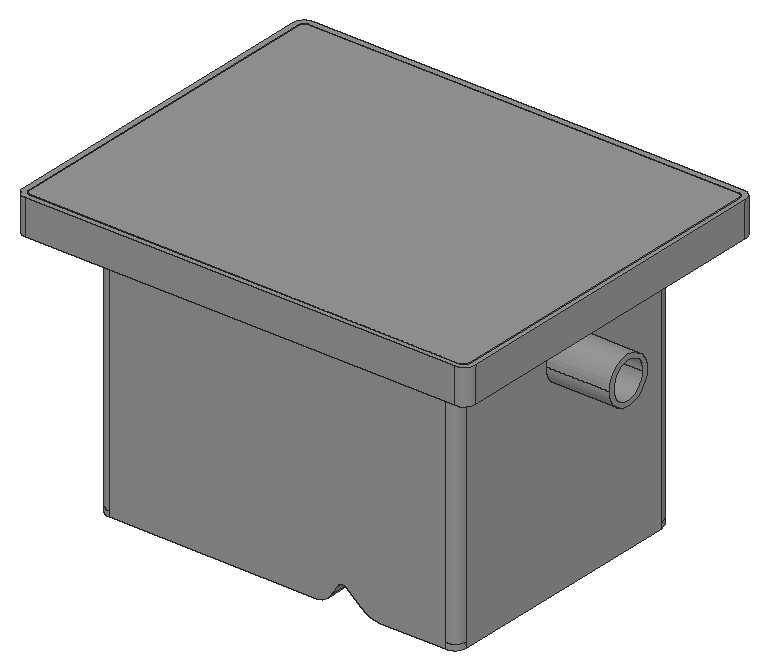
Revit family "Lil_R", category Plumbing Fixtures, Revit 2019
Family settings
  Round Connector Dimension = Use Diameter
  Part Type = Normal
  Work Plane-Based = No
  Always vertical = Yes
  Cut with Voids When Loaded = No
  Shared = No
  Room Calculation Point = No
Parameters (values of type "Lil-7-S")
  top 2 = 2"
  URL = "www.mifab.com"
  TOP1 = 1 1/2"
  TOP THK = 1 1/2"
  Pressure Drop = 0.00 psi
  Model = "MI-G-1-PL-PSB-FSCR"
  Mechanical Flow = 7 GPM
  Material = Polyethylene, High Density
  Manufacturer = "MIFAB"
  FULL DIM = 6"
  F2 = F / 2 - 51/256"  # 205/256"
  F/2 = F / 2  # 1"
  F = 2"
  E = 12 1/2"
  Description = "7GPM Lil Max HDPE Solids Interceptor"
  D = 9"
  C = 3 1/2"
  BOTTOM 1 = 9"
  B = 15 1/2"
  A+1 = (A + 1") / 1.95  # 10.51282"
  A = 19 1/2"
Types (8): name | top 2 | Model | Mechanical Flow | F2 | F/2 | F | E | Description | D | C | B | A+1 | A
  (no name) | 2" | "MI-G-1-PL-PSB-FSCR" | 7 GPM | 205/256" | 1" | 2" | 12 1/2" | "7GPM Lil Max HDPE Solids Interceptor" | 9" | 3 1/2" | 15 1/2" | 10.51282" | 19 1/2"
  Lil-7-S | 2" | "MI-G-1-PL-PSB-FSCR" | 7 GPM | 205/256" | 1" | 2" | 12 1/2" | "7GPM Lil Max HDPE Solids Interceptor" | 9" | 3 1/2" | 15 1/2" | 10.51282" | 19 1/2"
  Lil-10-S | 3.09455" | "MI-G-2-PL-PSB-FSCR" | 10 GPM | 205/256" | 1" | 2" | 13 1/4" | "10GPM Lil Max HDPE Solids Interceptor" | 9 3/4" | 3 1/2" | 17 1/2" | 12.30769" | 23"
  Lil-15-S | 3.09455" | "MI-G-3-PL-PSB-FSCR" | 15 GPM | 205/256" | 1" | 2" | 16 3/4" | "15GPM Lil Max HDPE Solids Interceptor" | 13 1/4" | 3 1/2" | 17 1/2" | 12.30769" | 23"
  Lil-20-S | 3.09455" | "MI-G-4-PL-PSB-FSCR" | 20 GPM | 1 77/256" | 1 1/2" | 3" | 14 1/4" | "20GPM Lil Max HDPE Solids Interceptor" | 10 3/4" | 3 1/2" | 20 1/2" | 15.64103" | 29 1/2"
  Lil-25-S | 3.09455" | "MI-G-5-PL-PSB-FSCR" | 25 GPM | 1 77/256" | 1 1/2" | 3" | 18 1/4" | "25GPM Lil Max HDPE Solids Interceptor" | 14 3/4" | 3 1/2" | 20 1/2" | 15.64103" | 29 1/2"
  Lil-35-S | 3.09455" | "MI-G-6-PL-PSB-FSCR" | 35 GPM | 1 77/256" | 1 1/2" | 3" | 22 1/4" | "35GPM Lil Max HDPE Solids Interceptor" | 16 3/4" | 5 1/2" | 25 1/2" | 17.4359" | 33"
  Lil-50-S | 3.09455" | "MI-G-7-PL-PSB-FSCR" | 50 GPM | 1 77/256" | 1 1/2" | 3" | 24 1/4" | "50GPM Lil Max HDPE Solids Interceptor" | 18 3/4" | 5 1/2" | 25 1/2" | 17.4359" | 33"
Reference planes (in)
  plane 1 "Center (Front/Back)": y = 0
  plane 2: z = 0
  plane 3 "Center (Left/Right)": x = 0
  plane 4: z = -3.5
  plane 5: z = -12.5
Forms (in)
  Extrusion 1, solid, material "Polyethylene, High Density" <- "Material"
    sketch origin (-0.57139, 0, 0) x (1, 0, 0) y (0, 1, 0)
      loop
        arc (-8.67861, 7.75) -> (-9.03216, 7.60355) -> (-9.17861, 7.25) r 0.5
        line (-9.17861, 7.25) -> (-9.17861, -7.25)
        arc (-9.17861, -7.25) -> (-9.03216, -7.60355) -> (-8.67861, -7.75) r 0.5
        line (-8.67861, -7.75) -> (9.82139, -7.75)
        arc (9.82139, -7.75) -> (10.17494, -7.60355) -> (10.32139, -7.25) r 0.5
        line (10.32139, -7.25) -> (10.32139, 7.25)
        arc (10.32139, 7.25) -> (10.17494, 7.60355) -> (9.82139, 7.75) r 0.5
        line (9.82139, 7.75) -> (-8.67861, 7.75)
      loop
        arc (-8.92861, -7.25) -> (-8.85539, -7.42678) -> (-8.67861, -7.5) r 0.25
        line (-8.67861, -7.5) -> (9.82139, -7.5)
        arc (9.82139, -7.5) -> (9.99817, -7.42678) -> (10.07139, -7.25) r 0.25
        line (10.07139, -7.25) -> (10.07139, 7.25)
        arc (10.07139, 7.25) -> (9.99817, 7.42678) -> (9.82139, 7.5) r 0.25
        line (9.82139, 7.5) -> (-8.67861, 7.5)
        arc (-8.67861, 7.5) -> (-8.85539, 7.42678) -> (-8.92861, 7.25) r 0.25
        line (-8.92861, 7.25) -> (-8.92861, -7.25)
    from -1.5 to 0
  Extrusion 2, solid, material "Polyethylene, High Density" <- "Material"
    sketch origin (0, 0, 0) x (1, 0, 0) y (0, 1, 0)
      loop
        arc (-7.25, 5.75) -> (-7.60355, 5.60355) -> (-7.75, 5.25) r 0.5
        line (-7.75, 5.25) -> (-7.75, -5.25)
        arc (-7.75, -5.25) -> (-7.60355, -5.60355) -> (-7.25, -5.75) r 0.5
        line (-7.25, -5.75) -> (7.25, -5.75)
        arc (7.25, -5.75) -> (7.60355, -5.60355) -> (7.75, -5.25) r 0.5
        line (7.75, -5.25) -> (7.75, 5.25)
        arc (7.75, 5.25) -> (7.60355, 5.60355) -> (7.25, 5.75) r 0.5
        line (7.25, 5.75) -> (-7.25, 5.75)
      loop
        arc (-7.5, -5.25) -> (-7.42678, -5.42678) -> (-7.25, -5.5) r 0.25
        line (-7.25, -5.5) -> (7.25, -5.5)
        arc (7.25, -5.5) -> (7.42678, -5.42678) -> (7.5, -5.25) r 0.25
        line (7.5, -5.25) -> (7.5, 5.25)
        arc (7.5, 5.25) -> (7.42678, 5.42678) -> (7.25, 5.5) r 0.25
        line (7.25, 5.5) -> (-7.25, 5.5)
        arc (-7.25, 5.5) -> (-7.42678, 5.42678) -> (-7.5, 5.25) r 0.25
        line (-7.5, 5.25) -> (-7.5, -5.25)
    from -12.5 to -1.5
  Extrusion 3, solid, material "Polyethylene, High Density" <- "Material"
    sketch origin (0, 0, 0) x (0, 1, 0) y (0, 0, 1)
      loop
        circle (0, -3.5) r 1
    from 7.5 to 10.51282
  Extrusion 4, void
    sketch origin (0, 0, 0) x (0, 1, 0) y (0, 0, 1)
      loop
        circle (0, -3.5) r 0.80078
    from -10.51282 to 10.51282
  Extrusion 5, solid, material "Polyethylene, High Density" <- "Material"
    sketch origin (0, 0, 0) x (0, 1, 0) y (0, 0, -1)
      loop
        circle (0, 3.5) r 1
    from 7.5 to 10.51282
  Extrusion 6, solid, material "Polyethylene, High Density" <- "Material"
    sketch origin (0, 0, 0) x (1, 0, 0) y (0, 1, 0)
      loop
        line (-9.5, 7.25) -> (-9.5, -7.25)
        arc (-9.5, -7.25) -> (-9.42678, -7.42678) -> (-9.25, -7.5) r 0.25
        line (-9.25, -7.5) -> (9.25, -7.5)
        arc (9.25, -7.5) -> (9.42678, -7.42678) -> (9.5, -7.25) r 0.25
        line (9.5, -7.25) -> (9.5, 7.25)
        arc (9.5, 7.25) -> (9.42678, 7.42678) -> (9.25, 7.5) r 0.25
        line (9.25, 7.5) -> (-9.25, 7.5)
        arc (-9.25, 7.5) -> (-9.42678, 7.42678) -> (-9.5, 7.25) r 0.25
      loop
        line (-7.5, 5.25) -> (-7.5, -5.25)
        arc (-7.5, -5.25) -> (-7.42678, -5.42678) -> (-7.25, -5.5) r 0.25
        line (-7.25, -5.5) -> (7.25, -5.5)
        arc (7.25, -5.5) -> (7.42678, -5.42678) -> (7.5, -5.25) r 0.25
        line (7.5, -5.25) -> (7.5, 5.25)
        arc (7.5, 5.25) -> (7.42678, 5.42678) -> (7.25, 5.5) r 0.25
        line (7.25, 5.5) -> (-7.25, 5.5)
        arc (-7.25, 5.5) -> (-7.42678, 5.42678) -> (-7.5, 5.25) r 0.25
    from -1.5 to -1.27407
  Extrusion 7, solid, material "Polyethylene, High Density" <- "Material"
    sketch origin (0, 0, 0) x (1, 0, 0) y (0, 0, 1)
      loop
        line (-7.75, -12.5) -> (1.68146, -12.5)
        arc (1.68146, -12.5) -> (2.08444, -12.38254) -> (2.3612, -12.06696) r 0.75
        line (2.3612, -12.06696) -> (2.63018, -11.66446)
        arc (2.63018, -11.66446) -> (2.78411, -11.56852) -> (2.95785, -11.6206) r 0.22028
        line (2.95785, -11.6206) -> (3.61676, -12.19339)
        arc (3.61676, -12.19339) -> (3.99907, -12.42084) -> (4.43683, -12.5) r 1.25
        line (4.43683, -12.5) -> (7.75, -12.5) -> (7.75, -12.25) -> (4.43683, -12.25)
        arc (4.43683, -12.25) -> (4.08662, -12.18667) -> (3.78077, -12.00471) r 1
        line (3.78077, -12.00471) -> (3.10631, -11.41841)
        arc (3.10631, -11.41841) -> (2.74971, -11.3115) -> (2.43377, -11.50842) r 0.45213
        line (2.43377, -11.50842) -> (2.14162, -11.94558)
        arc (2.14162, -11.94558) -> (1.95733, -12.16701) -> (1.68146, -12.25) r 0.5
        line (1.68146, -12.25) -> (-7.75, -12.25) -> (-7.75, -12.5)
    from -5.75 to 5.75
  Extrusion 8, void
    sketch origin (0, 0, 0) x (1, 0, 0) y (0, 0, 1)
      loop
        line (1.68146, -12.5) -> (4.43683, -12.5)
        arc (4.43683, -12.5) -> (3.99907, -12.42084) -> (3.61676, -12.19339) r 1.25
        line (3.61676, -12.19339) -> (2.95785, -11.6206)
        arc (2.95785, -11.6206) -> (2.78411, -11.56852) -> (2.63018, -11.66446) r 0.22028
        line (2.63018, -11.66446) -> (2.3612, -12.06696)
        arc (2.3612, -12.06696) -> (2.08444, -12.38254) -> (1.68146, -12.5) r 0.75
    from -13.05949 to 13.44892
  Extrusion 9, void
    sketch origin (0, 0, 0) x (1, 0, 0) y (0, 1, 0)
      loop
        arc (-7.25, 5.75) -> (-7.60355, 5.60355) -> (-7.75, 5.25) r 0.5
        line (-7.75, 5.25) -> (-7.75, -5.25)
        arc (-7.75, -5.25) -> (-7.60355, -5.60355) -> (-7.25, -5.75) r 0.5
        line (-7.25, -5.75) -> (7.25, -5.75)
        arc (7.25, -5.75) -> (7.60355, -5.60355) -> (7.75, -5.25) r 0.5
        line (7.75, -5.25) -> (7.75, 5.25)
        arc (7.75, 5.25) -> (7.60355, 5.60355) -> (7.25, 5.75) r 0.5
        line (7.25, 5.75) -> (-7.25, 5.75)
      loop
        arc (-7.25, 6) -> (-7.78033, 5.78033) -> (-8, 5.25) r 0.75
        line (-8, 5.25) -> (-8, -5.25)
        arc (-8, -5.25) -> (-7.78033, -5.78033) -> (-7.25, -6) r 0.75
        line (-7.25, -6) -> (7.25, -6)
        arc (7.25, -6) -> (7.78033, -5.78033) -> (8, -5.25) r 0.75
        line (8, -5.25) -> (8, 5.25)
        arc (8, 5.25) -> (7.78033, 5.78033) -> (7.25, 6) r 0.75
        line (7.25, 6) -> (-7.25, 6)
    from -12.5 to -8.24153
  Extrusion 10, solid, material "Polytetrafluoroethylene"
    sketch origin (0, 0, 0) x (1, 0, 0) y (0, 1, 0)
      loop
        arc (-9.5, -7.25) -> (-9.42678, -7.42678) -> (-9.25, -7.5) r 0.25
        line (-9.25, -7.5) -> (9.25, -7.5)
        arc (9.25, -7.5) -> (9.42678, -7.42678) -> (9.5, -7.25) r 0.25
        line (9.5, -7.25) -> (9.5, 7.25)
        arc (9.5, 7.25) -> (9.42678, 7.42678) -> (9.25, 7.5) r 0.25
        line (9.25, 7.5) -> (-9.25, 7.5)
        arc (-9.25, 7.5) -> (-9.42678, 7.42678) -> (-9.5, 7.25) r 0.25
        line (-9.5, 7.25) -> (-9.5, -7.25)
    from -1.27407 to 0
Cuts and joins
  Extrusion 4 cuts Extrusion 1
  Extrusion 4, Extrusion 8 cuts Extrusion 2
  Extrusion 4 cuts Extrusion 3
  Extrusion 4 cuts Extrusion 5
  Extrusion 4 cuts Extrusion 6
  Extrusion 4, Extrusion 8, Extrusion 9 cuts Extrusion 7
  joined: Extrusion 1, Extrusion 2, Extrusion 3, Extrusion 5, Extrusion 6, Extrusion 7
Dimensions and locks (in)
  "D": plane 5 to plane 4
  "C": level to plane 4
  equal spacing: Extrusion 1 sketch curve, plane 1 "Center (Front/Back)", Extrusion 1 sketch curve
  plane 1 "Center (Front/Back)" to Extrusion 1 sketch curve = 7 3/4"
  equal spacing: Extrusion 1, plane 3 "Center (Left/Right)", Extrusion 1
  "A+1": Extrusion 3 to plane 3 "Center (Left/Right)"
  "A": Extrusion 1 sketch curve to Extrusion 1 sketch curve
  equal spacing: Extrusion 1 sketch curve, plane 3 "Center (Left/Right)", Extrusion 1 sketch curve
  "A+1": cut or joined group 1 (Extrusion 1, Extrusion 2, Extrusion 3, Extrusion 4, Extrusion 5, Extrusion 6, Extrusion 7, Extrusion 8, Extrusion 9) to plane 3 "Center (Left/Right)"
  locked: Extrusion 6 to Extrusion 1 at 0.22593
  equal spacing: Extrusion 2 sketch curve, plane 3 "Center (Left/Right)", Extrusion 2 sketch curve
  equal spacing: Extrusion 2 sketch curve, plane 1 "Center (Front/Back)", Extrusion 2 sketch curve
  cut or joined group 1 to cut or joined group 1 = 1/4"
  locked: cut or joined group 1 to cut or joined group 1 at 0.25  (x3)
  cut or joined group 1 to cut or joined group 1 = 2"
  locked: cut or joined group 1 to cut or joined group 1 at 2
  locked: Extrusion 6 sketch curve to cut or joined group 1 at 2  (x2)
  "B": cut or joined group 1 to cut or joined group 1
  locked: cut or joined group 1 to cut or joined group 1 at 2.25  (x2)
  "F/2": radius of Extrusion 3 sketch curve
  "F2": radius of Extrusion 4 sketch curve
  "F/2": radius of Extrusion 5 sketch curve
  aligned and locked: plane 2 to level
  aligned and locked: level to Extrusion 1
  aligned and locked: Extrusion 2 to plane 5
  aligned and locked: Extrusion 2 to Extrusion 1
  aligned and locked: plane 1 "Center (Front/Back)" to Extrusion 3 sketch curve
  aligned and locked: plane 4 to Extrusion 3 sketch curve
  aligned and locked: plane 1 "Center (Front/Back)" to Extrusion 4 sketch curve
  aligned and locked: plane 4 to Extrusion 4 sketch curve
  aligned and locked: Extrusion 6 sketch curve to Extrusion 1  (x4)
  aligned and locked: Extrusion 1 to Extrusion 6
  aligned and locked: Extrusion 7 sketch curve to cut or joined group 1
  aligned and locked: Extrusion 8 sketch curve to cut or joined group 1  (x3)
  aligned and locked: cut or joined group 1 to Extrusion 8 sketch curve
  aligned and locked: cut or joined group 1 to Extrusion 6 sketch curve  (x2)
  aligned and locked: Extrusion 7 to Extrusion 2  (x2)
  aligned and locked: Extrusion 2 to Extrusion 7
  aligned and locked: Extrusion 2 to Extrusion 3
  aligned and locked: Extrusion 2 to Extrusion 5
  aligned and locked: Extrusion 9 sketch curve to cut or joined group 1  (x4)
  aligned and locked: Extrusion 9 to plane 5
  aligned and locked: Extrusion 10 sketch curve to cut or joined group 1  (x4)
  aligned and locked: Extrusion 10 to cut or joined group 1
  aligned and locked: level to Extrusion 10
  aligned and locked: Extrusion 3 to Extrusion 4
  aligned and locked: Extrusion 5 to Extrusion 4
  aligned and locked: plane 4 to Extrusion 5 sketch curve
  aligned and locked: plane 1 "Center (Front/Back)" to Extrusion 5 sketch curve
Automatic sketch dimensions
  Extrusion 6 sketch curve to Extrusion 6 sketch curve = 1/4"  (x6)
  Extrusion 8 sketch curve to Extrusion 8 sketch curve = 0.67973"
  plane 5 to Extrusion 8 sketch curve = 0.30661"
  Extrusion 8 sketch curve to Extrusion 8 sketch curve = 0.26899"
  Extrusion 8 sketch curve to Extrusion 8 sketch curve = 0.12239"
  Extrusion 8 sketch curve to Extrusion 8 sketch curve = 37/256"
  Extrusion 2 sketch curve to plane 3 "Center (Left/Right)" = 7 3/4"
  Extrusion 2 sketch curve to Extrusion 2 sketch curve = 1/2"  (x4)
  Extrusion 2 sketch curve to Extrusion 2 sketch curve = 0"  (x11)
  Extrusion 2 sketch curve to Extrusion 2 sketch curve = 1/4"
  plane 1 "Center (Front/Back)" to Extrusion 2 sketch curve = 5 3/4"
  Extrusion 6 sketch curve to Extrusion 6 sketch curve = 2"
  Extrusion 7 sketch curve to Extrusion 7 sketch curve = 0"  (x4)
  Extrusion 7 sketch curve to plane 5 = 0"
  Extrusion 7 sketch curve to plane 3 "Center (Left/Right)" = 7 3/4"
  plane 5 to Extrusion 7 sketch curve = 1/4"
  plane 3 "Center (Left/Right)" to Extrusion 7 sketch curve = 1.68146"
  plane 5 to Extrusion 7 sketch curve = 0.55442"
  Extrusion 7 sketch curve to Extrusion 7 sketch curve = 0.46016"
  plane 5 to Extrusion 7 sketch curve = 0.43304"
  Extrusion 7 sketch curve to Extrusion 7 sketch curve = 0.29215"
  plane 5 to Extrusion 7 sketch curve = 0.83554"
  Extrusion 7 sketch curve to Extrusion 7 sketch curve = 0.19641"
  Extrusion 7 sketch curve to Extrusion 7 sketch curve = 0.1795"
  Extrusion 7 sketch curve to Extrusion 7 sketch curve = 0.00364"
  plane 5 to Extrusion 7 sketch curve = 0.8794"
  Extrusion 7 sketch curve to Extrusion 7 sketch curve = 0.14816"
  plane 5 to Extrusion 7 sketch curve = 1.08159"
  Extrusion 7 sketch curve to Extrusion 7 sketch curve = 0.14846"
  plane 5 to Extrusion 7 sketch curve = 0.30661"
  Extrusion 7 sketch curve to Extrusion 7 sketch curve = 0.65891"
  plane 5 to Extrusion 7 sketch curve = 0.49529"
  Extrusion 7 sketch curve to Extrusion 7 sketch curve = 0.16401"
  Extrusion 7 sketch curve to Extrusion 7 sketch curve = 0.65606"
  Extrusion 7 sketch curve to Extrusion 7 sketch curve = 3.31317"
  Extrusion 7 sketch curve to Extrusion 7 sketch curve = 0.02722"
  Extrusion 9 sketch curve to Extrusion 9 sketch curve = 0"  (x7)
  Extrusion 9 sketch curve to Extrusion 9 sketch curve = 1/4"
  Extrusion 1 sketch curve to Extrusion 1 sketch curve = 0"  (x7)
  Extrusion 1 sketch curve to Extrusion 1 sketch curve = 1/4"  (x5)
  Extrusion 3 sketch curve to plane 4 = 0"
Connectors (in)
  piping at (10.51282, 0, -3.5), diameter 2, driven by "F", driven by "Mechanical Flow"
    settings: on cut or joined group 1, index 1, connector inside diameter 24", connector length 0", flow factor 0, pipe flow 7 GPM, pressure drop 0.00 psi, fitting loss kfactor 0, connector angle 0.00°, fixture units 0, engagement length 0", angle of deflection 0.00°, flow configuration 0, flow direction 0, fitting loss method 0, system type 7, joint type 0, gender type 0, connector reference index -1, connector utility 0, adjustable connector no, is connector primary yes, connector description ""
  piping at (-10.51282, 0, -3.5), diameter 2, driven by "F", driven by "Mechanical Flow"
    settings: on cut or joined group 1, index 2, connector inside diameter 24", connector length 0", flow factor 0, pipe flow 7 GPM, pressure drop 0.00 psi, fitting loss kfactor 0, connector angle 0.00°, fixture units 0, engagement length 0", angle of deflection 0.00°, flow configuration 0, flow direction 0, fitting loss method 0, system type 7, joint type 0, gender type 0, connector reference index -1, connector utility 0, adjustable connector no, is connector primary no, connector description ""
